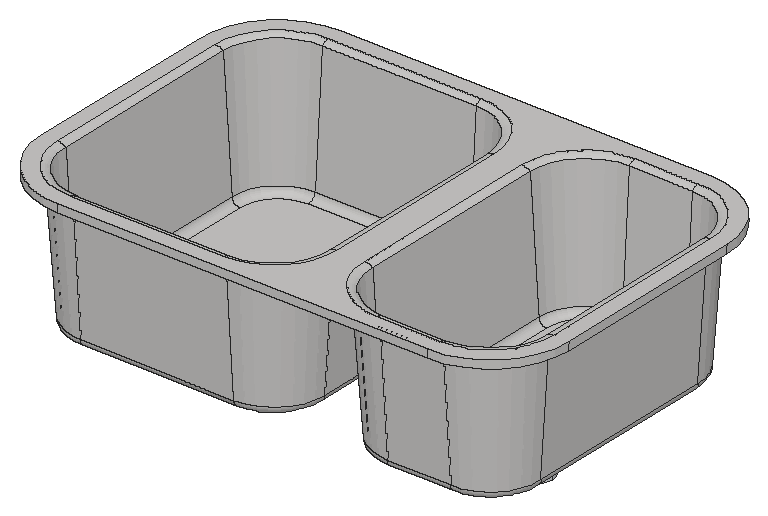
Revit family "Plum Fix_Sink_Argent_Tempo Main & 3-4 Bowls 670", category Plumbing Fixtures, Revit 2016 (continued)
Definition of nested family "z.PlumFix_Waste_90mm Basket"
  Automatic sketch dimensions
    curve 19 to curve 16 = 0.809 mm
    curve 21 to plane 10 "STD Left" = 5.19 mm
    curve 57 to plane 10 "STD Left" = 5.19 mm
    curve 59 to curve 59 = 0.588 mm
    curve 23 to curve 23 = 0.588 mm
    curve 23 to curve 20 = 0.588 mm
    curve 59 to curve 56 = 0.588 mm
    curve 56 to curve 49 = 4.514 mm
    curve 20 to curve 13 = 4.514 mm
    curve 51 to curve 51 = 0.309 mm
    curve 15 to curve 15 = 0.309 mm
    curve 15 to curve 12 = 0.309 mm
    curve 51 to curve 48 = 0.309 mm
    curve 48 to curve 10 = 1.605 mm
    curve 12 to curve 11 = 3.955 mm
    curve 32 to curve 79 = 3.955 mm
    curve 34 to curve 34 = 0.951 mm
    curve 14 to curve 14 = 0.951 mm
    curve 20 to curve 13 = 3.55 mm
    curve 40 to curve 33 = 3.55 mm
    curve 12 to curve 10 = 9.826 mm
    curve 32 to curve 78 = 9.826 mm
    curve 22 to curve 22 = 0.809 mm
    curve 42 to curve 42 = 0.809 mm
    curve 35 to curve 35 = 0.951 mm
    curve 15 to curve 15 = 0.951 mm
    curve 16 to curve 21 = 2.815 mm
    curve 36 to curve 41 = 2.815 mm
    curve 38 to curve 38 = 0.588 mm
    curve 18 to curve 18 = 0.588 mm
    curve 29 to curve 37 = 1.805 mm
    curve 5 to curve 18 = 1.805 mm
    curve 7 to curve 7 = 0.309 mm
    curve 31 to curve 31 = 0.309 mm
    curve 25 to curve 28 = 0.664 mm
    curve 40 to curve 33 = 8.846 mm
    curve 20 to curve 13 = 8.846 mm
    curve 43 to curve 43 = 0.809 mm
    curve 23 to curve 23 = 0.809 mm
    curve 16 to curve 21 = 7.018 mm
    curve 36 to curve 41 = 7.018 mm
    curve 19 to curve 19 = 0.588 mm
    curve 39 to curve 39 = 0.588 mm
    curve 5 to curve 17 = 4.504 mm
    curve 29 to curve 37 = 4.504 mm
    curve 30 to curve 30 = 0.309 mm
    curve 6 to curve 6 = 0.309 mm
    curve 24 to curve 6 = 1.594 mm
    curve 11 to curve 48 = 3.955 mm
    curve 79 to curve 64 = 3.955 mm
    curve 50 to curve 50 = 0.951 mm
    curve 66 to curve 66 = 0.951 mm
    curve 65 to curve 72 = 3.55 mm
    curve 49 to curve 56 = 3.55 mm
    curve 10 to curve 48 = 9.826 mm
    curve 78 to curve 64 = 9.826 mm
    curve 74 to curve 74 = 0.809 mm
    curve 58 to curve 58 = 0.809 mm
    curve 67 to curve 67 = 0.951 mm
    curve 51 to curve 51 = 0.951 mm
    curve 73 to curve 68 = 2.815 mm
    curve 57 to curve 52 = 2.815 mm
    curve 54 to curve 54 = 0.588 mm
    curve 70 to curve 70 = 0.588 mm
    curve 53 to curve 45 = 1.805 mm
    curve 69 to curve 61 = 1.805 mm
    curve 63 to curve 63 = 0.309 mm
    curve 47 to curve 47 = 0.309 mm
    curve 60 to curve 83 = 0.664 mm
    curve 49 to curve 56 = 8.846 mm
    curve 65 to curve 72 = 8.846 mm
    curve 75 to curve 75 = 0.809 mm
    curve 59 to curve 59 = 0.809 mm
    curve 57 to curve 52 = 7.018 mm
    curve 73 to curve 68 = 7.018 mm
    curve 55 to curve 55 = 0.588 mm
    curve 71 to curve 71 = 0.588 mm
    curve 69 to curve 61 = 4.504 mm
    curve 53 to curve 45 = 4.504 mm
    curve 46 to curve 46 = 0.309 mm
    curve 62 to curve 62 = 0.309 mm
    curve 62 to curve 81 = 1.594 mm
    plane 7 "Right" to Masking region 2 sketch curve = 0 mm
    Masking region 2 sketch curve to plane 11 "Top" = 0 mm
    Masking region 2 sketch curve to plane 12 "Sink Ref" = 0 mm  (x2)
    Masking region 2 sketch curve to plane 8 "Bottom" = 0 mm
    Masking region 2 sketch curve to plane 6 "Left" = 0 mm
    Masking region 2 sketch curve to Masking region 2 sketch curve = 1.5 mm
    plane 7 "Right" to Masking region 2 sketch curve = 11.985 mm
    Masking region 2 sketch curve to plane 9 "STD Right" = 5.995 mm
    Masking region 2 sketch curve to Masking region 2 sketch curve = 1.25 mm  (x2)
    plane 11 "Top" to Masking region 2 sketch curve = 0.478 mm  (x2)
    Masking region 2 sketch curve to plane 9 "STD Right" = 8.583 mm
    plane 10 "STD Left" to Masking region 2 sketch curve = 8.583 mm
    plane 10 "STD Left" to Masking region 2 sketch curve = 7.245 mm
    plane 6 "Left" to Masking region 2 sketch curve = 11.985 mm
    plane 6 "Left" to Masking region 2 sketch curve = 1.5 mm
    plane 8 "Bottom" to Masking region 2 sketch curve = 19.97 mm  (x2)
    Masking region 2 sketch curve to Masking region 2 sketch curve = 8.5 mm  (x2)
    plane 12 "Sink Ref" to Masking region 2 sketch curve = 1.049 mm  (x2)
    Masking region 2 sketch curve to plane 11 "Top" = 2.5 mm  (x2)
    Masking region 3 sketch curve to plane 3 "Front" = 0 mm
    Masking region 3 sketch curve to plane 11 "Top" = 0 mm
    Masking region 3 sketch curve to plane 12 "Sink Ref" = 0 mm  (x2)
    Masking region 3 sketch curve to plane 4 "Back" = 0 mm
    Masking region 3 sketch curve to Masking region 3 sketch curve = 1.5 mm
    Masking region 3 sketch curve to Masking region 3 sketch curve = 10.485 mm
    Masking region 3 sketch curve to Masking region 3 sketch curve = 1.25 mm  (x2)
    plane 11 "Top" to Masking region 3 sketch curve = 0.478 mm  (x2)
    plane 1 "Center (Front/Back)" to Masking region 3 sketch curve = 16.417 mm
    Masking region 3 sketch curve to plane 1 "Center (Front/Back)" = 16.417 mm
    Masking region 3 sketch curve to plane 1 "Center (Front/Back)" = 17.755 mm
    plane 4 "Back" to Masking region 3 sketch curve = 11.985 mm
    plane 4 "Back" to Masking region 3 sketch curve = 1.5 mm
    Masking region 3 sketch curve to Masking region 3 sketch curve = 8.5 mm  (x2)
    plane 12 "Sink Ref" to Masking region 3 sketch curve = 1.049 mm  (x2)
    Masking region 3 sketch curve to plane 11 "Top" = 2.5 mm  (x2)
    curve 90 to plane 12 "Sink Ref" = 0 mm
    curve 89 to plane 3 "Front" = 1.5 mm
    curve 89 to curve 90 = 10.485 mm
    curve 91 to plane 3 "Front" = 11.985 mm
    curve 92 to curve 93 = 0 mm
    curve 92 to plane 1 "Center (Front/Back)" = 17.755 mm
    curve 93 to curve 92 = 0 mm
    plane 4 "Back" to curve 90 = 11.985 mm
    plane 4 "Back" to curve 91 = 11.985 mm
    plane 4 "Back" to curve 89 = 1.5 mm
    curve 91 to plane 12 "Sink Ref" = 18.685 mm
    curve 89 to plane 11 "Top" = 2.5 mm
    Revolve 1 sketch curve to Revolve 1 sketch curve = 0 mm  (x4)
    Revolve 1 sketch curve to Revolve 1 sketch curve = 2.75 mm
    Revolve 1 sketch curve to Revolve 1 sketch curve = 0.013 mm
    Revolve 1 sketch curve to Revolve 1 sketch curve = 0.063 mm
    Revolve 1 sketch curve to Revolve 1 sketch curve = 1.401 mm
    Revolve 1 sketch curve to Revolve 1 sketch curve = 1.591 mm
    Revolve 1 sketch curve to Revolve 1 sketch curve = 8.4 mm
    Revolve 1 sketch curve to Revolve 1 sketch curve = 1.235 mm
    Revolve 1 sketch curve to Revolve 1 sketch curve = 28.246 mm
    Revolve 1 sketch curve to Revolve 1 sketch curve = 24.656 mm
    Revolve 2 sketch curve to Revolve 2 sketch curve = 0 mm  (x4)
    Revolve 2 sketch curve to Revolve 2 sketch curve = 2.75 mm
    Revolve 2 sketch curve to Revolve 2 sketch curve = 0.013 mm
    Revolve 2 sketch curve to Revolve 2 sketch curve = 0.063 mm
    Revolve 2 sketch curve to Revolve 2 sketch curve = 1.401 mm
    Revolve 2 sketch curve to Revolve 2 sketch curve = 1.591 mm
    Revolve 2 sketch curve to Revolve 2 sketch curve = 8.4 mm
    Revolve 2 sketch curve to Revolve 2 sketch curve = 1.235 mm
    Revolve 2 sketch curve to Revolve 2 sketch curve = 28.246 mm
    Revolve 2 sketch curve to Revolve 2 sketch curve = 24.656 mm
    Revolve 3 sketch curve to Revolve 3 sketch curve = 0 mm  (x4)
    Revolve 3 sketch curve to Revolve 3 sketch curve = 2.75 mm
    Revolve 3 sketch curve to Revolve 3 sketch curve = 0.013 mm
    Revolve 3 sketch curve to Revolve 3 sketch curve = 0.063 mm
    Revolve 3 sketch curve to Revolve 3 sketch curve = 1.401 mm
    Revolve 3 sketch curve to Revolve 3 sketch curve = 1.591 mm
    Revolve 3 sketch curve to Revolve 3 sketch curve = 8.4 mm
    Revolve 3 sketch curve to Revolve 3 sketch curve = 1.235 mm
    Revolve 3 sketch curve to Revolve 3 sketch curve = 28.246 mm
    Revolve 3 sketch curve to Revolve 3 sketch curve = 24.656 mm
    Revolve 4 sketch curve to Revolve 4 sketch curve = 0 mm  (x4)
    Revolve 4 sketch curve to Revolve 4 sketch curve = 2.75 mm
    Revolve 4 sketch curve to Revolve 4 sketch curve = 0.013 mm
    Revolve 4 sketch curve to Revolve 4 sketch curve = 0.063 mm
    Revolve 4 sketch curve to Revolve 4 sketch curve = 1.401 mm
    Revolve 4 sketch curve to Revolve 4 sketch curve = 1.591 mm
    Revolve 4 sketch curve to Revolve 4 sketch curve = 8.4 mm
    Revolve 4 sketch curve to Revolve 4 sketch curve = 1.235 mm
    Revolve 4 sketch curve to Revolve 4 sketch curve = 28.246 mm
    Revolve 4 sketch curve to Revolve 4 sketch curve = 24.656 mm
    Revolve 5 sketch curve to Revolve 5 sketch curve = 0 mm  (x4)
    Revolve 5 sketch curve to Revolve 5 sketch curve = 2.75 mm
    Revolve 5 sketch curve to Revolve 5 sketch curve = 0.013 mm
    Revolve 5 sketch curve to Revolve 5 sketch curve = 0.063 mm
    Revolve 5 sketch curve to Revolve 5 sketch curve = 1.401 mm
    Revolve 5 sketch curve to Revolve 5 sketch curve = 1.591 mm
    Revolve 5 sketch curve to Revolve 5 sketch curve = 8.4 mm
    Revolve 5 sketch curve to Revolve 5 sketch curve = 1.235 mm
    Revolve 5 sketch curve to Revolve 5 sketch curve = 28.246 mm
    Revolve 5 sketch curve to Revolve 5 sketch curve = 24.656 mm
    Revolve 6 sketch curve to Revolve 6 sketch curve = 0 mm  (x4)
    Revolve 6 sketch curve to Revolve 6 sketch curve = 2.75 mm
    Revolve 6 sketch curve to Revolve 6 sketch curve = 0.013 mm
    Revolve 6 sketch curve to Revolve 6 sketch curve = 0.063 mm
    Revolve 6 sketch curve to Revolve 6 sketch curve = 1.401 mm
    Revolve 6 sketch curve to Revolve 6 sketch curve = 1.591 mm
    Revolve 6 sketch curve to Revolve 6 sketch curve = 8.4 mm
    Revolve 6 sketch curve to Revolve 6 sketch curve = 1.235 mm
    Revolve 6 sketch curve to Revolve 6 sketch curve = 28.246 mm
    Revolve 6 sketch curve to Revolve 6 sketch curve = 24.656 mm
    Revolve 7 sketch curve to Revolve 7 sketch curve = 0 mm  (x4)
    Revolve 7 sketch curve to Revolve 7 sketch curve = 2.75 mm
    Revolve 7 sketch curve to Revolve 7 sketch curve = 0.013 mm
    Revolve 7 sketch curve to Revolve 7 sketch curve = 0.063 mm
    Revolve 7 sketch curve to Revolve 7 sketch curve = 1.401 mm
    Revolve 7 sketch curve to Revolve 7 sketch curve = 1.591 mm
    Revolve 7 sketch curve to Revolve 7 sketch curve = 8.4 mm
    Revolve 7 sketch curve to Revolve 7 sketch curve = 1.235 mm
    Revolve 7 sketch curve to Revolve 7 sketch curve = 28.246 mm
    Revolve 7 sketch curve to Revolve 7 sketch curve = 24.656 mm
    Revolve 8 sketch curve to Revolve 8 sketch curve = 0 mm  (x4)
    Revolve 8 sketch curve to Revolve 8 sketch curve = 2.75 mm
    Revolve 8 sketch curve to Revolve 8 sketch curve = 0.013 mm
    Revolve 8 sketch curve to Revolve 8 sketch curve = 0.063 mm
    Revolve 8 sketch curve to Revolve 8 sketch curve = 1.401 mm
    Revolve 8 sketch curve to Revolve 8 sketch curve = 1.591 mm
    Revolve 8 sketch curve to Revolve 8 sketch curve = 8.4 mm
    Revolve 8 sketch curve to Revolve 8 sketch curve = 1.235 mm
    Revolve 8 sketch curve to Revolve 8 sketch curve = 28.246 mm
    Revolve 8 sketch curve to Revolve 8 sketch curve = 24.656 mm
    Revolve 9 sketch curve to Revolve 9 sketch curve = 0 mm  (x4)
    Revolve 9 sketch curve to Revolve 9 sketch curve = 2.75 mm
    Revolve 9 sketch curve to Revolve 9 sketch curve = 0.013 mm
    Revolve 9 sketch curve to Revolve 9 sketch curve = 0.063 mm
    Revolve 9 sketch curve to Revolve 9 sketch curve = 1.401 mm
    Revolve 9 sketch curve to Revolve 9 sketch curve = 1.591 mm
    Revolve 9 sketch curve to Revolve 9 sketch curve = 8.4 mm
    Revolve 9 sketch curve to Revolve 9 sketch curve = 1.235 mm
    Revolve 9 sketch curve to Revolve 9 sketch curve = 28.246 mm
    Revolve 9 sketch curve to Revolve 9 sketch curve = 24.656 mm
    Revolve 10 sketch curve to Revolve 10 sketch curve = 0 mm  (x4)
    Revolve 10 sketch curve to Revolve 10 sketch curve = 2.75 mm
    Revolve 10 sketch curve to Revolve 10 sketch curve = 0.013 mm
    Revolve 10 sketch curve to Revolve 10 sketch curve = 0.063 mm
    Revolve 10 sketch curve to Revolve 10 sketch curve = 1.401 mm
    Revolve 10 sketch curve to Revolve 10 sketch curve = 1.591 mm
    Revolve 10 sketch curve to Revolve 10 sketch curve = 8.4 mm
    Revolve 10 sketch curve to Revolve 10 sketch curve = 1.235 mm
    Revolve 10 sketch curve to Revolve 10 sketch curve = 28.246 mm
    Revolve 10 sketch curve to Revolve 10 sketch curve = 24.656 mm
    Revolve 11 sketch curve to Revolve 11 sketch curve = 0 mm  (x4)
    Revolve 11 sketch curve to Revolve 11 sketch curve = 2.75 mm
    Revolve 11 sketch curve to Revolve 11 sketch curve = 0.013 mm
    Revolve 11 sketch curve to Revolve 11 sketch curve = 0.063 mm
    Revolve 11 sketch curve to Revolve 11 sketch curve = 1.401 mm
    Revolve 11 sketch curve to Revolve 11 sketch curve = 1.591 mm
    Revolve 11 sketch curve to Revolve 11 sketch curve = 8.4 mm
    Revolve 11 sketch curve to Revolve 11 sketch curve = 1.235 mm
    Revolve 11 sketch curve to Revolve 11 sketch curve = 28.246 mm
    Revolve 11 sketch curve to Revolve 11 sketch curve = 24.656 mm
    Revolve 12 sketch curve to Revolve 12 sketch curve = 0 mm  (x4)
    Revolve 12 sketch curve to Revolve 12 sketch curve = 2.75 mm
    Revolve 12 sketch curve to Revolve 12 sketch curve = 0.013 mm
    Revolve 12 sketch curve to Revolve 12 sketch curve = 0.063 mm
    Revolve 12 sketch curve to Revolve 12 sketch curve = 1.401 mm
    Revolve 12 sketch curve to Revolve 12 sketch curve = 1.591 mm
    Revolve 12 sketch curve to Revolve 12 sketch curve = 8.4 mm
    Revolve 12 sketch curve to Revolve 12 sketch curve = 1.235 mm
    Revolve 12 sketch curve to Revolve 12 sketch curve = 28.246 mm
    Revolve 12 sketch curve to Revolve 12 sketch curve = 24.656 mm
    Revolve 13 sketch curve to Revolve 13 sketch curve = 0 mm  (x4)
    Revolve 13 sketch curve to Revolve 13 sketch curve = 2.75 mm
    Revolve 13 sketch curve to Revolve 13 sketch curve = 0.013 mm
    Revolve 13 sketch curve to Revolve 13 sketch curve = 0.063 mm
    Revolve 13 sketch curve to Revolve 13 sketch curve = 1.401 mm
    Revolve 13 sketch curve to Revolve 13 sketch curve = 1.591 mm
    Revolve 13 sketch curve to Revolve 13 sketch curve = 8.4 mm
    Revolve 13 sketch curve to Revolve 13 sketch curve = 1.235 mm
    Revolve 13 sketch curve to Revolve 13 sketch curve = 28.246 mm
    Revolve 13 sketch curve to Revolve 13 sketch curve = 24.656 mm
    Revolve 14 sketch curve to Revolve 14 sketch curve = 0 mm  (x4)
    Revolve 14 sketch curve to Revolve 14 sketch curve = 2.75 mm
    Revolve 14 sketch curve to Revolve 14 sketch curve = 0.013 mm
    Revolve 14 sketch curve to Revolve 14 sketch curve = 0.063 mm
    Revolve 14 sketch curve to Revolve 14 sketch curve = 1.401 mm
    Revolve 14 sketch curve to Revolve 14 sketch curve = 1.591 mm
    Revolve 14 sketch curve to Revolve 14 sketch curve = 8.4 mm
    Revolve 14 sketch curve to Revolve 14 sketch curve = 1.235 mm
    Revolve 14 sketch curve to Revolve 14 sketch curve = 28.246 mm
    Revolve 14 sketch curve to Revolve 14 sketch curve = 24.656 mm
    Revolve 15 sketch curve to Revolve 15 sketch curve = 0 mm  (x4)
    Revolve 15 sketch curve to Revolve 15 sketch curve = 2.75 mm
    Revolve 15 sketch curve to Revolve 15 sketch curve = 0.013 mm
    Revolve 15 sketch curve to Revolve 15 sketch curve = 0.063 mm
    Revolve 15 sketch curve to Revolve 15 sketch curve = 1.401 mm
    Revolve 15 sketch curve to Revolve 15 sketch curve = 1.591 mm
    Revolve 15 sketch curve to Revolve 15 sketch curve = 8.4 mm
    Revolve 15 sketch curve to Revolve 15 sketch curve = 1.235 mm
    Revolve 15 sketch curve to Revolve 15 sketch curve = 28.246 mm
    Revolve 15 sketch curve to Revolve 15 sketch curve = 24.656 mm
    Revolve 16 sketch curve to Revolve 16 sketch curve = 0 mm  (x4)
    Revolve 16 sketch curve to Revolve 16 sketch curve = 2.75 mm
    Revolve 16 sketch curve to Revolve 16 sketch curve = 0.013 mm
    Revolve 16 sketch curve to Revolve 16 sketch curve = 0.063 mm
    Revolve 16 sketch curve to Revolve 16 sketch curve = 1.401 mm
    Revolve 16 sketch curve to Revolve 16 sketch curve = 1.591 mm
    Revolve 16 sketch curve to Revolve 16 sketch curve = 8.4 mm
    Revolve 16 sketch curve to Revolve 16 sketch curve = 1.235 mm
    Revolve 16 sketch curve to Revolve 16 sketch curve = 28.246 mm
    Revolve 16 sketch curve to Revolve 16 sketch curve = 24.656 mm
    Revolve 17 sketch curve to Revolve 17 sketch curve = 0 mm  (x4)
    Revolve 17 sketch curve to Revolve 17 sketch curve = 2.75 mm
    Revolve 17 sketch curve to Revolve 17 sketch curve = 0.013 mm
    Revolve 17 sketch curve to Revolve 17 sketch curve = 0.063 mm
    Revolve 17 sketch curve to Revolve 17 sketch curve = 1.401 mm
    Revolve 17 sketch curve to Revolve 17 sketch curve = 1.591 mm
    Revolve 17 sketch curve to Revolve 17 sketch curve = 8.4 mm
    Revolve 17 sketch curve to Revolve 17 sketch curve = 1.235 mm
    Revolve 17 sketch curve to Revolve 17 sketch curve = 28.246 mm
    Revolve 17 sketch curve to Revolve 17 sketch curve = 24.656 mm
    Revolve 18 sketch curve to Revolve 18 sketch curve = 0 mm  (x4)
    Revolve 18 sketch curve to Revolve 18 sketch curve = 2.75 mm
    Revolve 18 sketch curve to Revolve 18 sketch curve = 0.013 mm
    Revolve 18 sketch curve to Revolve 18 sketch curve = 0.063 mm
    Revolve 18 sketch curve to Revolve 18 sketch curve = 1.401 mm
    Revolve 18 sketch curve to Revolve 18 sketch curve = 1.591 mm
    Revolve 18 sketch curve to Revolve 18 sketch curve = 8.4 mm
    Revolve 18 sketch curve to Revolve 18 sketch curve = 1.235 mm
    Revolve 18 sketch curve to Revolve 18 sketch curve = 28.246 mm
    Revolve 18 sketch curve to Revolve 18 sketch curve = 24.656 mm
    Revolve 19 sketch curve to Revolve 19 sketch curve = 0 mm  (x4)
    Revolve 19 sketch curve to Revolve 19 sketch curve = 2.75 mm
    Revolve 19 sketch curve to Revolve 19 sketch curve = 0.013 mm
    Revolve 19 sketch curve to Revolve 19 sketch curve = 0.063 mm
    Revolve 19 sketch curve to Revolve 19 sketch curve = 1.401 mm
    Revolve 19 sketch curve to Revolve 19 sketch curve = 1.591 mm
    Revolve 19 sketch curve to Revolve 19 sketch curve = 8.4 mm
    Revolve 19 sketch curve to Revolve 19 sketch curve = 1.235 mm
    Revolve 19 sketch curve to Revolve 19 sketch curve = 28.246 mm
    Revolve 19 sketch curve to Revolve 19 sketch curve = 24.656 mm
    Revolve 20 sketch curve to Revolve 20 sketch curve = 0 mm  (x4)
    Revolve 20 sketch curve to Revolve 20 sketch curve = 2.75 mm
    Revolve 20 sketch curve to Revolve 20 sketch curve = 0.013 mm
    Revolve 20 sketch curve to Revolve 20 sketch curve = 0.063 mm
    Revolve 20 sketch curve to Revolve 20 sketch curve = 1.401 mm
    Revolve 20 sketch curve to Revolve 20 sketch curve = 1.591 mm
    Revolve 20 sketch curve to Revolve 20 sketch curve = 8.4 mm
    Revolve 20 sketch curve to Revolve 20 sketch curve = 1.235 mm
    Revolve 20 sketch curve to Revolve 20 sketch curve = 28.246 mm
    Revolve 20 sketch curve to Revolve 20 sketch curve = 24.656 mm
    Revolve 21 sketch curve to Revolve 21 sketch curve = 0 mm  (x6)
    Revolve 21 sketch curve to plane 5 "Center (Left/Right)" = 0 mm  (x2)
    Revolve 21 sketch curve to plane 8 "Bottom" = 0 mm
    Revolve 21 sketch curve to plane 12 "Sink Ref" = 0 mm
    plane 7 "Right" to Revolve 21 sketch curve = 0 mm
    Revolve 21 sketch curve to plane 11 "Top" = 0.25 mm
    plane 10 "STD Left" to Revolve 21 sketch curve = 9.412 mm
    Revolve 21 sketch curve to plane 12 "Sink Ref" = 2.608 mm
    plane 5 "Center (Left/Right)" to Revolve 21 sketch curve = 12.354 mm
    Revolve 21 sketch curve to plane 9 "STD Right" = 9.995 mm
    Revolve 21 sketch curve to Revolve 21 sketch curve = 2.75 mm
    Revolve 21 sketch curve to Revolve 21 sketch curve = 1.25 mm
    Revolve 21 sketch curve to plane 9 "STD Right" = 4.14 mm
    Revolve 21 sketch curve to plane 9 "STD Right" = 2.78 mm
    plane 9 "STD Right" to Revolve 21 sketch curve = 0.156 mm
    plane 9 "STD Right" to Revolve 21 sketch curve = 2.5 mm
    Revolve 21 sketch curve to plane 11 "Top" = 0.393 mm
    plane 9 "STD Right" to Revolve 21 sketch curve = 10.497 mm
    Revolve 21 sketch curve to Revolve 21 sketch curve = 15.015 mm
    Revolve 21 sketch curve to plane 11 "Top" = 3 mm
    Revolve 21 sketch curve to Revolve 21 sketch curve = 3.34 mm
    Revolve 21 sketch curve to Revolve 21 sketch curve = 4 mm  (x2)
    Revolve 21 sketch curve to Revolve 21 sketch curve = 0.66 mm
    Revolve 21 sketch curve to Revolve 21 sketch curve = 19.97 mm
    Revolve 21 sketch curve to Revolve 21 sketch curve = 8.5 mm
    Revolve 21 sketch curve to Revolve 21 sketch curve = 3.042 mm
    Revolve 21 sketch curve to plane 12 "Sink Ref" = 16.608 mm
    Revolve 21 sketch curve to Revolve 21 sketch curve = 0.939 mm
    Revolve 21 sketch curve to Revolve 21 sketch curve = 1.605 mm
    Revolve 21 sketch curve to Revolve 21 sketch curve = 1.88 mm
    Revolve 21 sketch curve to Revolve 21 sketch curve = 3.928 mm
    Revolve 21 sketch curve to plane 12 "Sink Ref" = 2.777 mm
    plane 12 "Sink Ref" to Revolve 21 sketch curve = 1.049 mm
    Revolve 21 sketch curve to Revolve 21 sketch curve = 0.5 mm
    Revolve 21 sketch curve to plane 11 "Top" = 1.112 mm
    plane 11 "Top" to Revolve 21 sketch curve = 15.344 mm
    Revolve 21 sketch curve to plane 8 "Bottom" = 58.002 mm
    Revolve 21 sketch curve to Revolve 21 sketch curve = 11.996 mm
    Revolve 1 sketch curve to Revolve 1 sketch curve = 4.111 mm
    Revolve 1 sketch curve to Revolve 1 sketch curve = 18.08 mm
    Revolve 1 sketch curve to Revolve 1 sketch curve = 22.22 mm
    Revolve 1 sketch curve to Revolve 1 sketch curve = 92.975 mm
    Revolve 2 sketch curve to Revolve 2 sketch curve = 4.111 mm
    Revolve 2 sketch curve to Revolve 2 sketch curve = 18.08 mm
    Revolve 2 sketch curve to Revolve 2 sketch curve = 22.22 mm
    Revolve 2 sketch curve to Revolve 2 sketch curve = 92.975 mm
    Revolve 3 sketch curve to Revolve 3 sketch curve = 4.111 mm
    Revolve 3 sketch curve to Revolve 3 sketch curve = 18.08 mm
    Revolve 3 sketch curve to Revolve 3 sketch curve = 22.22 mm
    Revolve 3 sketch curve to Revolve 3 sketch curve = 92.975 mm
    Revolve 4 sketch curve to Revolve 4 sketch curve = 4.111 mm
    Revolve 4 sketch curve to Revolve 4 sketch curve = 18.08 mm
    Revolve 4 sketch curve to Revolve 4 sketch curve = 22.22 mm
    Revolve 4 sketch curve to Revolve 4 sketch curve = 92.975 mm
    Revolve 5 sketch curve to Revolve 5 sketch curve = 4.111 mm
    Revolve 5 sketch curve to Revolve 5 sketch curve = 18.08 mm
    Revolve 5 sketch curve to Revolve 5 sketch curve = 22.22 mm
    Revolve 5 sketch curve to Revolve 5 sketch curve = 92.975 mm
    Revolve 6 sketch curve to Revolve 6 sketch curve = 4.111 mm
    Revolve 6 sketch curve to Revolve 6 sketch curve = 18.08 mm
    Revolve 6 sketch curve to Revolve 6 sketch curve = 22.22 mm
    Revolve 6 sketch curve to Revolve 6 sketch curve = 92.975 mm
    Revolve 7 sketch curve to Revolve 7 sketch curve = 4.111 mm
    Revolve 7 sketch curve to Revolve 7 sketch curve = 18.08 mm
    Revolve 7 sketch curve to Revolve 7 sketch curve = 22.22 mm
    Revolve 7 sketch curve to Revolve 7 sketch curve = 92.975 mm
    Revolve 8 sketch curve to Revolve 8 sketch curve = 4.111 mm
    Revolve 8 sketch curve to Revolve 8 sketch curve = 18.08 mm
    Revolve 8 sketch curve to Revolve 8 sketch curve = 22.22 mm
    Revolve 8 sketch curve to Revolve 8 sketch curve = 92.975 mm
    Revolve 9 sketch curve to Revolve 9 sketch curve = 4.111 mm
    Revolve 9 sketch curve to Revolve 9 sketch curve = 18.08 mm
    Revolve 9 sketch curve to Revolve 9 sketch curve = 22.22 mm
    Revolve 9 sketch curve to Revolve 9 sketch curve = 92.975 mm
    Revolve 10 sketch curve to Revolve 10 sketch curve = 4.111 mm
    Revolve 10 sketch curve to Revolve 10 sketch curve = 18.08 mm
    Revolve 10 sketch curve to Revolve 10 sketch curve = 22.22 mm
    Revolve 10 sketch curve to Revolve 10 sketch curve = 92.975 mm
    Revolve 11 sketch curve to Revolve 11 sketch curve = 4.111 mm
    Revolve 11 sketch curve to Revolve 11 sketch curve = 18.08 mm
    Revolve 11 sketch curve to Revolve 11 sketch curve = 22.22 mm
    Revolve 11 sketch curve to Revolve 11 sketch curve = 92.975 mm
    Revolve 12 sketch curve to Revolve 12 sketch curve = 4.111 mm
    Revolve 12 sketch curve to Revolve 12 sketch curve = 18.08 mm
    Revolve 12 sketch curve to Revolve 12 sketch curve = 22.22 mm
    Revolve 12 sketch curve to Revolve 12 sketch curve = 92.975 mm
    Revolve 13 sketch curve to Revolve 13 sketch curve = 4.111 mm
    Revolve 13 sketch curve to Revolve 13 sketch curve = 18.08 mm
    Revolve 13 sketch curve to Revolve 13 sketch curve = 22.22 mm
    Revolve 13 sketch curve to Revolve 13 sketch curve = 92.975 mm
    Revolve 14 sketch curve to Revolve 14 sketch curve = 4.111 mm
    Revolve 14 sketch curve to Revolve 14 sketch curve = 18.08 mm
    Revolve 14 sketch curve to Revolve 14 sketch curve = 22.22 mm
    Revolve 14 sketch curve to Revolve 14 sketch curve = 92.975 mm
    Revolve 15 sketch curve to Revolve 15 sketch curve = 4.111 mm
    Revolve 15 sketch curve to Revolve 15 sketch curve = 18.08 mm
    Revolve 15 sketch curve to Revolve 15 sketch curve = 22.22 mm
    Revolve 15 sketch curve to Revolve 15 sketch curve = 92.975 mm
    Revolve 16 sketch curve to Revolve 16 sketch curve = 4.111 mm
    Revolve 16 sketch curve to Revolve 16 sketch curve = 18.08 mm
    Revolve 16 sketch curve to Revolve 16 sketch curve = 22.22 mm
    Revolve 16 sketch curve to Revolve 16 sketch curve = 92.975 mm
    Revolve 17 sketch curve to Revolve 17 sketch curve = 4.111 mm
    Revolve 17 sketch curve to Revolve 17 sketch curve = 18.08 mm
    Revolve 17 sketch curve to Revolve 17 sketch curve = 22.22 mm
    Revolve 17 sketch curve to Revolve 17 sketch curve = 92.975 mm
    Revolve 18 sketch curve to Revolve 18 sketch curve = 4.111 mm
    Revolve 18 sketch curve to Revolve 18 sketch curve = 18.08 mm
    Revolve 18 sketch curve to Revolve 18 sketch curve = 22.22 mm
    Revolve 18 sketch curve to Revolve 18 sketch curve = 92.975 mm
    Revolve 19 sketch curve to Revolve 19 sketch curve = 4.111 mm
    Revolve 19 sketch curve to Revolve 19 sketch curve = 18.08 mm
    Revolve 19 sketch curve to Revolve 19 sketch curve = 22.22 mm
    Revolve 19 sketch curve to Revolve 19 sketch curve = 92.975 mm
    Revolve 20 sketch curve to Revolve 20 sketch curve = 4.111 mm
    Revolve 20 sketch curve to Revolve 20 sketch curve = 18.08 mm
    Revolve 20 sketch curve to Revolve 20 sketch curve = 22.22 mm
    Revolve 20 sketch curve to Revolve 20 sketch curve = 92.975 mm
    Revolve 1 sketch curve to plane 5 "Center (Left/Right)" = 0 mm
    plane 8 "Bottom" to Revolve 1 sketch curve = 69.975 mm
    Revolve 2 sketch curve to plane 5 "Center (Left/Right)" = 0 mm
    plane 8 "Bottom" to Revolve 2 sketch curve = 69.975 mm
    Revolve 3 sketch curve to plane 5 "Center (Left/Right)" = 0 mm
    plane 8 "Bottom" to Revolve 3 sketch curve = 69.975 mm
    Revolve 4 sketch curve to plane 5 "Center (Left/Right)" = 0 mm
    plane 8 "Bottom" to Revolve 4 sketch curve = 69.975 mm
    Revolve 5 sketch curve to plane 5 "Center (Left/Right)" = 0 mm
    plane 8 "Bottom" to Revolve 5 sketch curve = 69.975 mm
    Revolve 6 sketch curve to plane 5 "Center (Left/Right)" = 0 mm
    plane 8 "Bottom" to Revolve 6 sketch curve = 69.975 mm
    Revolve 7 sketch curve to plane 5 "Center (Left/Right)" = 0 mm
    plane 8 "Bottom" to Revolve 7 sketch curve = 69.975 mm
    Revolve 8 sketch curve to plane 5 "Center (Left/Right)" = 0 mm
    plane 8 "Bottom" to Revolve 8 sketch curve = 69.975 mm
    Revolve 9 sketch curve to plane 5 "Center (Left/Right)" = 0 mm
    plane 8 "Bottom" to Revolve 9 sketch curve = 69.975 mm
    Revolve 10 sketch curve to plane 5 "Center (Left/Right)" = 0 mm
    plane 8 "Bottom" to Revolve 10 sketch curve = 69.975 mm
    Revolve 11 sketch curve to plane 5 "Center (Left/Right)" = 0 mm
    plane 8 "Bottom" to Revolve 11 sketch curve = 69.975 mm
    Revolve 12 sketch curve to plane 5 "Center (Left/Right)" = 0 mm
    plane 8 "Bottom" to Revolve 12 sketch curve = 69.975 mm
    Revolve 13 sketch curve to plane 5 "Center (Left/Right)" = 0 mm
    plane 8 "Bottom" to Revolve 13 sketch curve = 69.975 mm
    Revolve 14 sketch curve to plane 5 "Center (Left/Right)" = 0 mm
    plane 8 "Bottom" to Revolve 14 sketch curve = 69.975 mm
    Revolve 15 sketch curve to plane 5 "Center (Left/Right)" = 0 mm
    plane 8 "Bottom" to Revolve 15 sketch curve = 69.975 mm
    Revolve 16 sketch curve to plane 5 "Center (Left/Right)" = 0 mm
    plane 8 "Bottom" to Revolve 16 sketch curve = 69.975 mm
    Revolve 17 sketch curve to plane 5 "Center (Left/Right)" = 0 mm
    plane 8 "Bottom" to Revolve 17 sketch curve = 69.975 mm
    Revolve 18 sketch curve to plane 5 "Center (Left/Right)" = 0 mm
    plane 8 "Bottom" to Revolve 18 sketch curve = 69.975 mm
    Revolve 19 sketch curve to plane 5 "Center (Left/Right)" = 0 mm
    plane 8 "Bottom" to Revolve 19 sketch curve = 69.975 mm
    Revolve 20 sketch curve to plane 5 "Center (Left/Right)" = 0 mm
    plane 8 "Bottom" to Revolve 20 sketch curve = 69.975 mm
    Revolve 22 sketch curve to Revolve 22 sketch curve = 0 mm  (x5)
    Revolve 22 sketch curve to plane 5 "Center (Left/Right)" = 0 mm  (x2)
    Revolve 22 sketch curve to plane 11 "Top" = 0 mm
    plane 5 "Center (Left/Right)" to Revolve 22 sketch curve = 1.789 mm
    Revolve 22 sketch curve to Revolve 22 sketch curve = 0.8 mm  (x3)
    Revolve 22 sketch curve to Revolve 22 sketch curve = 1 mm
    Revolve 22 sketch curve to Revolve 22 sketch curve = 1.644 mm
    Revolve 22 sketch curve to plane 12 "Sink Ref" = 0.387 mm
    Revolve 22 sketch curve to Revolve 22 sketch curve = 7.321 mm
    Revolve 22 sketch curve to Revolve 22 sketch curve = 5.739 mm
    Revolve 22 sketch curve to Revolve 22 sketch curve = 2.767 mm
    Revolve 22 sketch curve to plane 9 "STD Right" = 2.78 mm
    Revolve 22 sketch curve to plane 11 "Top" = 0.393 mm
    plane 9 "STD Right" to Revolve 22 sketch curve = 10.497 mm
    Revolve 22 sketch curve to Revolve 22 sketch curve = 0.206 mm
    Revolve 22 sketch curve to plane 12 "Sink Ref" = 0.216 mm
    Revolve 22 sketch curve to Revolve 22 sketch curve = 3.407 mm
    Revolve 22 sketch curve to Revolve 22 sketch curve = 3.357 mm
    Revolve 22 sketch curve to plane 11 "Top" = 1 mm
    Revolve 22 sketch curve to Revolve 22 sketch curve = 1.152 mm
    Revolve 22 sketch curve to Revolve 22 sketch curve = 0.3 mm
    Revolve 22 sketch curve to Revolve 22 sketch curve = 1.937 mm
    Revolve 22 sketch curve to Revolve 22 sketch curve = 1.429 mm
    plane 7 "Right" to Revolve 22 sketch curve = 1.5 mm
    Revolve 22 sketch curve to Revolve 22 sketch curve = 1.255 mm
    Revolve 22 sketch curve to plane 12 "Sink Ref" = 6.535 mm
    Revolve 22 sketch curve to Revolve 22 sketch curve = 0.358 mm
    Revolve 22 sketch curve to Revolve 22 sketch curve = 1.625 mm
    Revolve 22 sketch curve to Revolve 22 sketch curve = 1.352 mm
    Revolve 22 sketch curve to Revolve 22 sketch curve = 2 mm  (x2)
    Revolve 22 sketch curve to Revolve 22 sketch curve = 2.642 mm
    Revolve 22 sketch curve to plane 11 "Top" = 2.5 mm
    Revolve 22 sketch curve to Revolve 22 sketch curve = 1.695 mm
    plane 11 "Top" to Revolve 22 sketch curve = 15.344 mm
    Revolve 22 sketch curve to level = 23 mm
    Revolve 22 sketch curve to Revolve 22 sketch curve = 24.656 mm
    plane 9 "STD Right" to curve 88 = 7.245 mm
    plane 1 "Center (Front/Back)" to Masking region 3 sketch curve = 19.005 mm
    plane 1 "Center (Front/Back)" to curve 92 = 17.755 mm
    radius of curve 1 = 45.784 mm
    radius of curve 2 = 43.619 mm
    radius of curve 3 = 5 mm
    radius of Masking region 1 sketch curve = 58.5 mm
